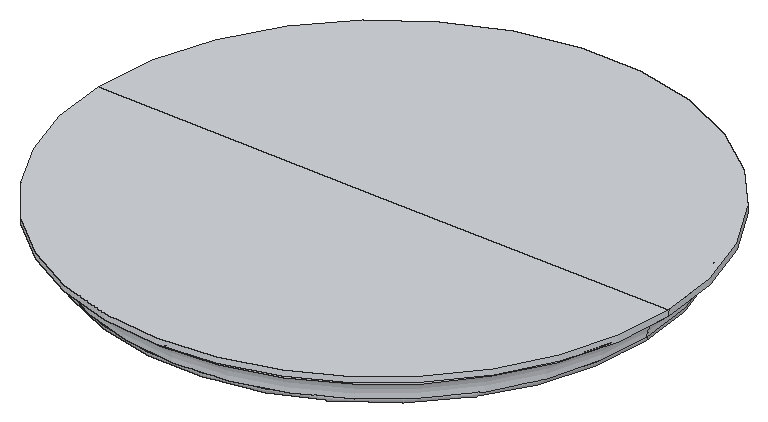
Revit family "OracDecor_R76", category Обобщенные модели, Revit 2019
Family settings
  Может служить основой для арматурных стержней = Нет
  Размер круглого соединителя = Использовать диаметр
  Тип детали = Нормальный
  На основе рабочей плоскости = Нет
  Всегда вертикально = Да
  При загрузке вырезать с полостями = Нет
  Общий = Нет
  Точка расчета площади = Нет
Parameters
  Изготовитель = "Family from POCHERTEAM"  # constant formula
  URL = "t.me/pocherteam"
Reference planes
  plane 1 "По центру (Вперед/Назад)": y = 0
  plane 2: z = 0
  plane 3 "По центру (Влево/Вправо)": x = 0
Forms (mm)
  Revolve 1, solid
    sketch origin (0, 0, 0) x (1, 0, 0) y (0, 0, 1)
      loop
        line (0, 0) -> (0, -15) -> (30, -15)
        arc (30, -15) -> (36.919, -15.972) -> (43.301, -18.814) r 25.101
        arc (43.301, -18.814) -> (60.177, -25.036) -> (77.053, -18.814) r 25.996
        arc (77.053, -18.814) -> (84.689, -16.662) -> (92.617, -16.349) r 33.809
        arc (92.617, -16.349) -> (131.684, -14.761) -> (170.544, -19.07) r 259.054
        arc (170.544, -19.07) -> (184.16, -22.93) -> (196.862, -29.173) r 78.497
        arc (196.862, -29.173) -> (207.437, -32.14) -> (218.013, -29.173) r 20.331
        arc (218.013, -29.173) -> (243.013, -28.361) -> (268.013, -29.173) r 385.362
        arc (268.013, -29.173) -> (271.9, -30.73) -> (273.635, -34.541) r 5.628
        arc (273.635, -34.541) -> (280.123, -41) -> (286.591, -34.522) r 6.478
        arc (286.591, -34.522) -> (291.465, -19.522) -> (304.225, -10.251) r 25.52
        line (304.225, -10.251) -> (304.225, -6) -> (310, -6) -> (310, 0) -> (0, 0)
      axis (0, 0) -> (0, -34.541)
    angle from 0 to 360
Dimensions and locks
  Revolve 1 to Revolve 1 = 620 mm
  level to Revolve 1 = 6 mm
  aligned and locked: level to plane 2
